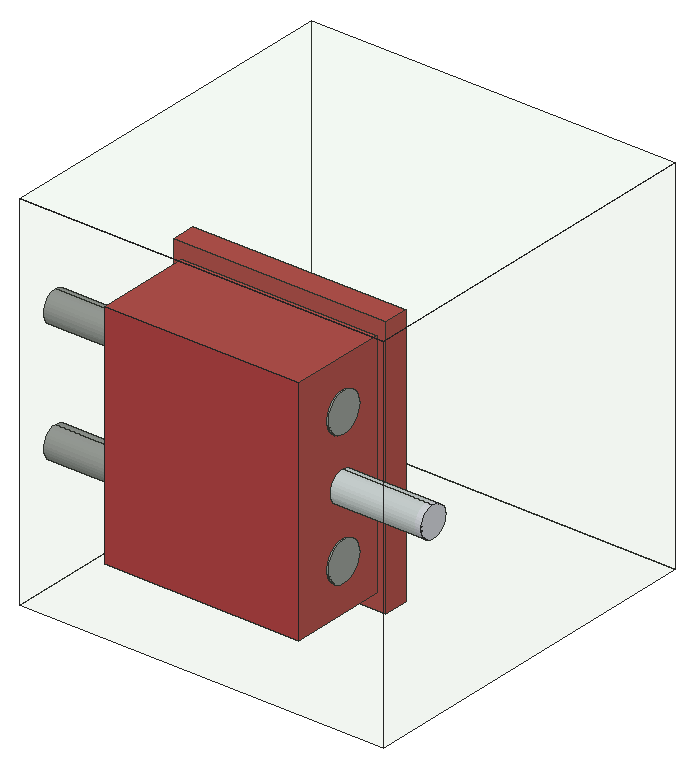
Revit family "ZETA_Коробка_Клемная_ККМТ-10", category Электрические приборы, Revit 2021
Family settings
  Сохранять ориентацию аннотаций = Нет
  Размер круглого соединителя = Использовать диаметр
  Тип детали = Нормальный
  На основе рабочей плоскости = Да
  Всегда вертикально = Нет
  При загрузке вырезать с полостями = Нет
  Общий = Нет
  Точка принадлежности помещению = Да
Parameters (values of type "ККМТ-10")
  УГО_Ширина = 10 mm
  УГО_Смещение_Х [instance] = 0 mm
  УГО_Смещение_Y [instance] = 0 mm
  УГО_Высота = 5 mm
  Температура эксплуатации = "от -40°С до +60°С"
  Сечение жил до = "4мм2"
  Сертификат = "RU C-RU.АД84.В.00192/20"
  Потолочное размещение [instance] = no
  Default Elevation = 1219.2 mm
  Описание = "Коробки клеммные ККМТ с наборными зажимами предназначены для\r\nсоединения и разветвления вторичных и силовых электрических цепей,\r\nвыполняемых контрольными кабелями с числом жил до 52 и силовыми кабелями с\r\nалюминиевыми или медными жилами сечением 1,5—4 мм2, проложенные в\r\nметаллических жестких трубах в трубных системах прокладки кабелей"
  Номинальный ток = "до 25A"
  Напряжение постоянного тока = "440 В"
  Напряжение переменного тока = "660 В"
  Крышка_Ширина = 160 mm
  Крышка_Длина = 190 mm
  Климатическое исполнение = "У3"
  Изготовитель = "АО «ЗЭТА»"  # constant formula
  Изготавливается по = "ТУ 27.33.13.120-047-99856433-2020"
  URL = "https://nzeta.ru/"
  D2 = 32 mm
  D1 = 25 mm
  В_УГО_Смещение_У [instance] = УГО_Смещение_Y + 2000 mm  # 2000 mm
  В_УГО_Смещение_X [instance] = УГО_Смещение_Х + 2000 mm  # 2000 mm
  ADSK_Ток = 0 A
  ADSK_Степень защиты_IP = "IP31"
  ADSK_Размер_Ширина = 175 mm
  ADSK_Размер_УголПоворота [instance] = if(Потолочное размещение, -90.00°, 180.00°)  # 180.00°
  ADSK_Размер_Длина = 215 mm
  ADSK_Размер_Высота = 100 mm
  ADSK_Примечание [instance] = ""
  ADSK_Полная мощность = 0 VA
  ADSK_Позиция [instance] = ""
  ADSK_Обозначение = "KK"
  ADSK_Номинальная мощность = 0 W
  ADSK_Номер стояка = ""
  ADSK_Номер линии = 0
  ADSK_Напряжение = 230 V
  ADSK_Наименование краткое = "ККМТ-10"
  ADSK_Наименование = "Коробка клеммная ККМТ-10 У3 IP31 ГОФРОМАТИК"
  ADSK_Материал наименование = "Сталь оцинкованная"
  ADSK_Масса_Текст = "1,85"
  ADSK_Масса = 1.85
  ADSK_Марка = "KK ККМТ-10 У3 IP34"
  ADSK_Коэффициент мощности = 1
  ADSK_Количество фаз числовое = 1
  ADSK_Количество фаз = 1
  ADSK_Количество = 1
  ADSK_Код изделия = "zeta30370"
  ADSK_Классификация нагрузок = Прочее
  ADSK_Завод-изготовитель = "АО «ЗЭТА»"  # constant formula
  ADSK_Единица измерения = "шт"  # constant formula
  ADSK_Версия семейства = "v.1"  # constant formula
  ADSK_Версия Revit = "2021"
  ADSK_URL страницы изделия = "https://nzeta.ru/catalog/?q=zeta30370"
  ADSK_URL документации изделия = "https://nzeta.ru/upload/uf/0cc/nd938dqqshulb2erh1ouccn7p0e6zfv7/passport.pdf"
Types (2): name
  ККМТ-10
  ККМТ-10_IP31
Reference planes
  plane 1 "По центру (Вперед/Назад)": y = 0
  plane 2: z = 0
  plane 3 "По центру (Влево/Вправо)": x = 0
  plane 4: x = -2000
  plane 5: y = -2000
  plane 6: x = 0
  plane 7: y = 0
Lines and regions (mm)
  reference lines
    curve 1: line (0, 0, 0) -> (0, 0, -180)
    curve 2: line (0, 0, 0) -> (0, 140, 0)
Dimensions and locks
  "В_УГО_Смещение_X": plane 4 to plane 6
  "В_УГО_Смещение_У": plane 7 to plane 5
  angle curve 2 to curve 1 = 90.00°
  "ADSK_Размер_УголПоворота": angle plane 1 "По центру (Вперед/Назад)" to curve 1
  aligned and locked: level to plane 2
  aligned and locked: plane 6 to nested 1
  aligned and locked: nested 1 to plane 7
  aligned and locked: plane 2 to curve 2
  aligned and locked: plane 1 "По центру (Вперед/Назад)" to curve 1
  aligned and locked: nested 2 to curve 2
Nested families
  nested 1: "УГО_Клеменная_Коробка_(GenAnn)" at (0, 0, 0), УГО_Высота <- "УГО_Высота", УГО_Длина <- "УГО_Ширина", ADSK_Обозначение <- "ADSK_Обозначение", ADSK_Степень защиты_IP <- "ADSK_Степень защиты_IP", type "УГО_Клеменная_Коробка_(GenAnn)", detail levels coarse+medium
    with УГО_Длина 10 mm, УГО_Высота 5 mm, ADSK_Степень защиты_IP "IP31", ADSK_Обозначение "KK"
  nested 2: "ZETA_Коробка_Клемная_ККМТ-10_Геометрия" at (0, 0, 0) x (0, 0, -1) z (0, 1, 0), type "ККМТ-10", detail levels medium+fine
  nested 3: "Zeta_Зона обслуживания" at (0, 0, 0) x (-1, 0, 0) z (0, 0, -1), type "Зона обслуживания_Куб", detail levels medium+fine
    with Зона обслуживания_Ширина 300 mm, Зона обслуживания_Длина 300 mm, Зона обслуживания_Высота 300 mm
Connectors
  cabletrayconduit at (-155.5, 43.588, 50), diameter 25, driven by "D1"
    settings: on nested 2, index 2, connector width 300 mm, connector height 300 mm, connector angle 0.00°, system type 32, placement type 0, profile type 0, connector reference index -1, is primary connector yes, connector utility param no, connector description ""
  cabletrayconduit at (-155.5, 43.588, -50), diameter 25, driven by "D1"
    settings: on nested 2, index 4, connector width 300 mm, connector height 300 mm, connector angle 0.00°, system type 32, placement type 0, profile type 0, connector reference index -1, is primary connector no, connector utility param no, connector description ""
  electrical at (0, 0, 0), driven by "ADSK_Количество фаз", driven by "ADSK_Классификация нагрузок", driven by "ADSK_Напряжение", driven by "ADSK_Полная мощность", driven by "ADSK_Коэффициент мощности"
    settings: on nested 2, index 5, voltage 230 V, apparent load 0 VA, apparent load phase1 0 VA, apparent load phase2 0 VA, apparent load phase3 0 VA, power factor 1, load classification "Прочее", number of poles 1, system type 30, power factor state 1, is connector primary yes, connector utility no, sub classification motor no, connector description ""
  cabletrayconduit at (81.928, 43.588, -55), diameter 32, driven by "D2"
    settings: on nested 2, index 7, connector width 300 mm, connector height 300 mm, connector angle 0.00°, system type 32, placement type 0, profile type 0, connector reference index -1, is primary connector no, connector utility param no, connector description ""
  cabletrayconduit at (155.5, 43.588, 0), diameter 25, driven by "D1"
    settings: on nested 2, index 8, connector width 300 mm, connector height 300 mm, connector angle 0.00°, system type 32, placement type 0, profile type 0, connector reference index -1, is primary connector no, connector utility param no, connector description ""
Definition of nested family "ZETA_Коробка_Клемная_ККМТ-10_Геометрия"
  Parameters (values of type "ККМТ-10")
    Привязки_Штуцер = 100 mm
    Default Elevation = 1219.2 mm
    Основание_Ширина = ADSK_Размер_Ширина * 0.9142  # 159.985 mm
    Основание_Длина = ADSK_Размер_Длина * 0.8835  # 189.953 mm
    Manufacturer = ""
    D2 = 32 mm
    D1 = 25 mm
    ADSK_Размер_Ширина = 175 mm
    ADSK_Размер_Длина = 215 mm
    ADSK_Размер_Высота = 100 mm
  Reference planes
    plane 1 "По центру (Вперед/Назад)": y = 0
    plane 2: z = 0
    plane 3 "По центру (Влево/Вправо)": x = 0
    plane 4: x = -94.976
    plane 5: x = 94.976
    plane 6: y = -79.992
    plane 7: y = 79.993
    plane 8: x = -107.5
    plane 9: y = -87.5
    plane 10: x = 107.5
    plane 11: y = 87.5
    plane 12: z = 100
    plane 13: z = 79.822
    plane 14: y = -57.269
    plane 15: y = 57.269
    plane 16: z = 43.588
    plane 17: y = -81.999
    plane 18: y = 81.928
    plane 19: x = -50
    plane 20: x = 50
    plane 21: x = -55
    plane 22: x = 55
    plane 23: y = 155.5
    plane 24: y = -155.5
  Forms (mm)
    Extrusion 1, solid
      sketch origin (0, 0, 0) x (1, 0, 0) y (0, 1, 0)
        loop
          line (-94.976, 79.993) -> (-94.976, -79.992) -> (94.976, -79.992) -> (94.976, 79.993) -> (-94.976, 79.993)
      from 0 to 79.822
    Extrusion 2, solid
      sketch origin (0, 0, 0) x (1, 0, 0) y (0, 1, 0)
        loop
          line (-107.5, 87.5) -> (-107.5, -87.5) -> (107.5, -87.5) -> (107.5, 87.5) -> (-107.5, 87.5)
      from 100 to 79.822
    Extrusion 3, solid
      sketch origin (0, 0, 0) x (1, 0, 0) y (0, 0, 1)
        loop
          circle (-50, 43.588) r 12.5
      from 79.992 to 155.5
    Extrusion 4, solid
      sketch origin (117, 0, 0) x (1, 0, 0) y (0, 0, 1)
        loop
          circle (-67, 43.588) r 12.5
      from 155.5 to 79.992
    Extrusion 5, solid
      sketch origin (-94.976, 79.993, 0) x (1, 0, 0) y (0, 0, -1)
        loop
          circle (149.976, -43.588) r 16
        loop
          circle (39.976, -43.588) r 16
      from 0 to 1.935
    Extrusion 6, solid
      sketch origin (0, 0, 0) x (1, 0, 0) y (0, 0, 1)
        loop
          circle (0, 43.588) r 12.5
      from -79.993 to -155.5
  Dimensions and locks
    equal spacing: plane 4, plane 3 "По центру (Влево/Вправо)", plane 5
    equal spacing: plane 7, plane 1 "По центру (Вперед/Назад)", plane 6
    "Основание_Ширина": plane 7 to plane 6
    "Основание_Длина": plane 4 to plane 5
    equal spacing: plane 11, plane 1 "По центру (Вперед/Назад)", plane 9
    equal spacing: plane 8, plane 3 "По центру (Влево/Вправо)", plane 10
    "ADSK_Размер_Ширина": plane 11 to plane 9
    "ADSK_Размер_Длина": plane 8 to plane 10
    "ADSK_Размер_Высота": plane 12 to level
    locked: plane 6 to plane 17 at 2.006
    locked: plane 18 to plane 7 at 1.935
    equal spacing: plane 19, plane 3 "По центру (Влево/Вправо)", plane 20
    "Привязки_Штуцер": plane 19 to plane 20
    equal spacing: plane 21, plane 3 "По центру (Влево/Вправо)", plane 22
    plane 1 "По центру (Вперед/Назад)" to plane 23 = 155.5 mm
    plane 24 to plane 1 "По центру (Вперед/Назад)" = 155.5 mm
    "D1": diameter of Extrusion 3 sketch curve
    "D1": diameter of Extrusion 4 sketch curve
    "D2": diameter of Extrusion 5 sketch curve  (x2)
    "D1": diameter of Extrusion 6 sketch curve
    aligned and locked: level to plane 2
    aligned and locked: Extrusion 1 sketch curve to plane 7
    aligned and locked: plane 4 to Extrusion 1 sketch curve
    aligned and locked: plane 6 to Extrusion 1 sketch curve
    aligned and locked: Extrusion 1 sketch curve to plane 5
    aligned and locked: Extrusion 2 sketch curve to plane 11
    aligned and locked: plane 8 to Extrusion 2 sketch curve
    aligned and locked: plane 9 to Extrusion 2 sketch curve
    aligned and locked: Extrusion 2 sketch curve to plane 10
    aligned and locked: Extrusion 2 to plane 13
    aligned and locked: Extrusion 1 to Extrusion 2
    aligned and locked: plane 16 to Extrusion 3 sketch curve
    aligned and locked: plane 6 to Extrusion 3
    aligned and locked: Extrusion 4 to Extrusion 1
    aligned and locked: plane 19 to Extrusion 3 sketch curve
    aligned and locked: plane 20 to Extrusion 4 sketch curve
    aligned and locked: plane 16 to Extrusion 4 sketch curve
    aligned and locked: plane 18 to Extrusion 5
    aligned and locked: plane 7 to Extrusion 6
    aligned and locked: Extrusion 6 to plane 23
    aligned and locked: Extrusion 4 to plane 24
    aligned and locked: Extrusion 3 to Extrusion 4
  Automatic sketch dimensions
    Extrusion 5 sketch curve to Extrusion 1 = 39.976 mm  (x2)
    Extrusion 1 to Extrusion 5 sketch curve = 36.234 mm  (x2)
    Extrusion 6 sketch curve to plane 3 "По центру (Влево/Вправо)" = 0 mm
    Extrusion 6 sketch curve to plane 16 = 0 mm
Definition of nested family "Zeta_Зона обслуживания"
  Parameters (values of type "Зона обслуживания_Куб")
    Default Elevation = 1219.2 mm
    Зона обслуживания_Ширина [instance] = 300 mm
    Зона обслуживания_Длина [instance] = 300 mm
    Зона обслуживания_Высота [instance] = 300 mm
  Reference planes
    plane 1 "По центру (Вперед/Назад)": y = 0
    plane 2: z = 0
    plane 3 "По центру (Влево/Вправо)": x = 0
    plane 4: x = -150
    plane 5: x = 150
    plane 6: y = 300
    plane 7: z = 150
    plane 8: z = -150
  Forms (mm)
    Extrusion 1, solid
      sketch origin (0, 0, 0) x (1, 0, 0) y (0, 1, 0)
        loop
          line (-150, 300) -> (-150, 0) -> (150, 0) -> (150, 300) -> (-150, 300)
      from -150 to 150
  Dimensions and locks
    equal spacing: plane 4, plane 3 "По центру (Влево/Вправо)", plane 5
    "Зона обслуживания_Ширина": plane 6 to plane 1 "По центру (Вперед/Назад)"
    "Зона обслуживания_Длина": plane 4 to plane 5
    equal spacing: plane 7, level, plane 8
    "Зона обслуживания_Высота": plane 7 to plane 8
    aligned and locked: level to plane 2
    aligned and locked: Extrusion 1 sketch curve to plane 6
    aligned and locked: plane 4 to Extrusion 1 sketch curve
    aligned and locked: Extrusion 1 sketch curve to plane 5
    aligned and locked: Extrusion 1 to plane 8
    aligned and locked: plane 7 to Extrusion 1
    aligned and locked: plane 1 "По центру (Вперед/Назад)" to Extrusion 1
  Automatic sketch dimensions
    plane 1 "По центру (Вперед/Назад)" to Extrusion 1 sketch curve = 0 mm
Definition of nested family "УГО_Клеменная_Коробка_(GenAnn)"
  Parameters (values of type "УГО_Клеменная_Коробка_(GenAnn)")
    УГО_Длина [instance] = 10 mm
    УГО_Высота [instance] = 5 mm
    ADSK_Степень защиты_IP [instance] = ""
    ADSK_Обозначение [instance] = ""
  Reference planes
    plane 1: y = 0
    plane 2: x = 0
  Lines and regions (mm)
    Filled region 1, type "Filled region 1"
      outline origin (0, 0, 0) x (1, 0, 0) y (0, 1, 0)
        loop
          line (-5, 2.5) -> (-5, -2.5) -> (5, -2.5) -> (5, 2.5) -> (-5, 2.5)
    reference lines
      curve 1: line (-5, 2.5, 0) -> (-5, -2.5, 0)
      curve 2: line (-5, -2.5, 0) -> (5, -2.5, 0)
      curve 3: line (5, 2.5, 0) -> (5, -2.5, 0)
      curve 4: line (-5, 2.5, 0) -> (5, 2.5, 0)
  Text (mm)
    label "KK IP 54" at (0.033, -0.03, 0), shows "ADSK_Обозначение", "ADSK_Степень защиты_IP"
  Dimensions and locks
    equal spacing: curve 1, plane 2, curve 3
    equal spacing: curve 2, plane 1, curve 4
    "УГО_Длина": curve 1 to curve 3
    "УГО_Высота": curve 2 to curve 4
    aligned and locked: Filled region 1 sketch curve to curve 4
    aligned and locked: Filled region 1 sketch curve to curve 1
    aligned and locked: Filled region 1 sketch curve to curve 2
    aligned and locked: Filled region 1 sketch curve to curve 3
